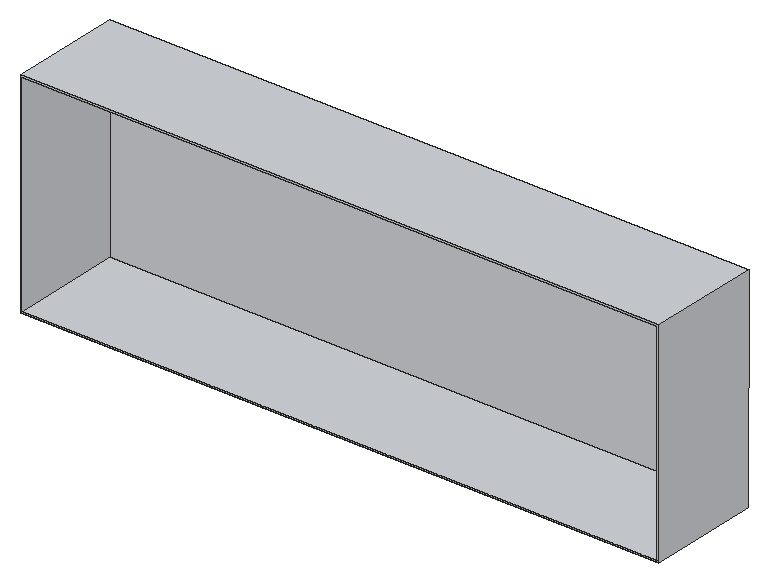
Revit family "Hager-Panelboards-Surface_mounted-IP2XC-Without_Cover-With_DIN-NoHosted-GB-en", category Electrical Equipment, Revit 2023
Family settings
  Panel Configuration = Two Columns, Circuits Across
  Round Connector Dimension = Use Diameter
  Part Type = Panelboard
  Work Plane-Based = Yes
  Always vertical = Yes
  Cut with Voids When Loaded = No
  Maintain Annotation Orientation = No
  Shared = No
  Room Calculation Point = No
Parameters (values of type "Panelboards-Surface_mounted_W900_H300_D158_0_Modular_Spacing-JF805E")
  Width Control [instance] = if([HG000006-Flush mounted], if([EF000846 - Recess width] > min_whd, [EF000846 - Recess width], min_whd), if([EF000008 - Width] > min_whd, ([EF000008 - Width]), min_whd))  # 900 mm
  Void Depth [instance] = if([EF000218 - Recess depth] > 1 mm, [EF000218 - Recess depth], 1 mm)  # 1 mm
  Uniformat code = "D501001"
  Uniformat = "Low Tension Service & Dist."
  Référence = ""
  HG000131 - Functional label [instance] = ""
  HG000130 - Functional name [instance] = ""
  HG000099-Onfly Template ID = "507532"
  HG000059-Operating voltage [instance] = 230 V
  ETIM class name = "Small distribution board"
  ETIM class code = "EC000214"
  EF015941 - Signal passing door = no
  EF015777 - Neutral terminal block = yes
  EF015776 - Earthing terminal block = yes
  EF009212 - Cover model = ""
  EF006306 - With lock = yes
  EF006244 - Transparent cover/door = no
  EF005474 - Degree of protection (IP rating) = "IP2XC"
  EF004462 - Type of closure = ""
  EF002950 - Width in number of modular spacings = 0
  EF001596 - Housing material = ""
  EF001134 - With DIN-rail = yes
  EF001131 - Internal depth = 0 mm
  EF001088 - Extension possible = yes
  EF001062 - EMC-version = no
  EF000846 - Recess width = 0 mm
  EF000339 - Type of covering = ""
  EF000332 - Recess height = 0 mm
  EF000266 - Number of rows = 0
  EF000218 - Recess depth = 0 mm
  EF000118 - With mounting plate = no
  EF000116 - RAL number = 7035
  EF000049 - Depth = 158 mm
  EF000040 - Height = 300 mm
  EF000008 - Width = 900 mm
  EF000007 - Colour = ""
  EF000003 - Mounting method = "Surface mounted"
  EF004464 - Type of door = ""
  EF000024 - UV resistant = no
  Type Comments = ""
  System Height [instance] = Height Control - 2 * [HG000005-Thickness]  # 446 mm
  Reference description = ""
  Reference = "Panelboards-Surface_mounted_W900_H300_D158_0_Modular_Spacing-JF805E"
  Panel Name [instance] = ""  # (empty or 0)
  Offset [instance] = 0 mm
  Object type = ""
  Name hager = "ADD_Enclosures_EC000214"
  Name BIM&CO = "Electricity"
  Name = "Panelboards-Surface_mounted-IP2XC-Without_Cover-With_DIN-GB"
  Model = ""
  Level Offset [instance] = [Flush Mounted - Door Frame Width] + Offset  # 50 mm
  HGEF002950-Width in number of modular spacings = 0
  HGEF000266-Number of rows = 0
  HG000060-RAL-number = "7035"
  HG000017-Distance between poles = 18 mm
  HG000016-Door 3D visibility = yes
  HG000015-Clearance visibility = yes
  HG000014-Door on the right = yes
  HG000013-Door on the left = not([HG000014-Door on the right])  # no
  HG000012-Door swing angle = 90.00°
  HG000011-Empty rows from bottom = no
  HG000010-Asymmetric doors = no
  HG000009-Double swing door = no
  HG000008-Number of empty rows = 0
  HG000007-Number of empty columns = 0
  HG000006-Flush mounted = no
  HG000005-Thickness = 2 mm
  HG000004-Manufacturer reference = "JF805E"
  HG000003-Range = "Panelboards"
  HG000002-With door or cover = no
  HG000001-Number of columns = 0
  GTIN (Global Trade Item Number) = ""
  Description = ""
  Default Elevation = 1200 mm
  Creation Date = "12/17/2025 20:23:32"
  Code hager = "ADD-EC000214_EU"
  Code Uniformat = ""
  BIM&CO code = ""
  BC_VARIANT_ID = "1179122"
  BC_OBJECT_VERSION = "#1"  # constant formula
  BC_OBJECT_ID = "513918"  # constant formula
  BC_MODEL_ID = "1554432"  # constant formula
  BC_METADATA = "{\"ObjectGuid\":\"bc35c96e-cb38-443e-833d-0616858cb9ac\",\"ModelGuid\":\"8af03f69-2293-4735-a617-cc53adf55621\",\"VariantGuid\":\"8b6e323b-1b53-409a-a940-11b5a7fc5337\",\"Revision\":\"#4\",\"VariantName\":\"Template-Enclosure_EU-EC000214\"}"
  Arrow Offset [instance] = Depth Control / 8  # 18.75 mm
  Arrow Height [instance] = Depth Control - Arrow Offset  # 131.25 mm
  Host Offset [instance] = if([HG000006-Flush mounted], 0 mm, [EF000049 - Depth])  # 158 mm
  min_whd [instance] = (2 * [HG000005-Thickness]) + 1 mm  # 5 mm
  Manufacturer = "Hager"  # constant formula
  Height Control [instance] = if([HG000006-Flush mounted], if([EF000332 - Recess height] > min_whd, [EF000332 - Recess height], min_whd), if([EF000040 - Height] > min_whd, ([EF000040 - Height]), min_whd))  # 300 mm
  Flush Mounted - Door Frame Width [instance] = if(([EF000040 - Height] - [EF000332 - Recess height]) > 0 mm, if([HG000006-Flush mounted], [EF000040 - Height] - [EF000332 - Recess height], 0 mm), 0 mm)  # 0 mm
  Depth Control [instance] = if([HG000006-Flush mounted], if([EF000218 - Recess depth] > 0 mm, [EF000218 - Recess depth], 1 mm), if([EF000049 - Depth] > 0 mm, ([EF000049 - Depth]), 1 mm))  # 158 mm
Types (2, lengths in mm): name | EF015777 - Neutral terminal block | EF006306 - With lock | EF001088 - Extension possible | EF000040 - Height | Reference | HG000004-Manufacturer reference | BC_VARIANT_ID | Height Control
  Panelboards-Surface_mounted_W900_H300_D158_0_Modular_Spacing-JF805E | yes | yes | yes | 300 | "Panelboards-Surface_mounted_W900_H300_D158_0_Modular_Spacing-JF805E" | "JF805E" | "1179122" | 300
  Panelboards-Surface_mounted_W900_H450_D158_0_Modular_Spacing-JF806E | no | no | no | 450 | "Panelboards-Surface_mounted_W900_H450_D158_0_Modular_Spacing-JF806E" | "JF806E" | "1179123" | 450
Reference planes
  plane 1 "Center (Front/Back)": y = 0
  plane 2: z = 0
  plane 3 "Center (Left/Right)": x = 0
  plane 4: y = 2
  plane 5: y = 0
  plane 6: y = 0
  plane 7: z = 0
  plane 8: x = -450
  plane 9: x = 450
  plane 10: x = 448
  plane 11: x = -448
  plane 12: z = 50
  plane 13: z = 52
  plane 14: y = -153
  plane 15: y = -158
  plane 16: y = -2
  plane 17: z = 348
  plane 18: z = 350
  plane 19: z = 200
  plane 20: x = 0
  plane 21: y = -100
  plane 22 "Annotation H": y = -300
  plane 23 "Annotation V": x = 650
Forms (mm)
  Extrusion 1, solid
    sketch origin (-208.679, -4572, 50) x (-1, 0, 0) y (0, -1, 0)
      loop
        line (241.321, -4414) -> (-658.679, -4414) -> (-658.679, -4572) -> (241.321, -4572) -> (241.321, -4414)
    from 0 to 300 <- "Height Control"
  Extrusion 2, void
    sketch origin (-350.771, -158, 1219.2) x (1, 0, 0) y (0, 0, 1)
      loop
        line (-97.229, -871.2) -> (-97.229, -1167.2) -> (798.771, -1167.2) -> (798.771, -871.2) -> (-97.229, -871.2)
    from 0 to -156
  Extrusion 3, solid, detail levels coarse+medium
    sketch origin (-350.771, -158, 1219.2) x (-1, 0, 0) y (0, 0, 1)
      loop
        line (97.229, -871.2) -> (-798.771, -871.2) -> (-798.771, -1167.2) -> (97.229, -1167.2) -> (97.229, -871.2)
    from 0 to 2 <- "HG000005-Thickness"
Cuts and joins
  Extrusion 2 cuts Extrusion 1
Dimensions and locks
  "Flush Mounted - Door Frame Width": plane 1 "Center (Front/Back)" to plane 6
  "HG000005-Thickness": plane 4 to plane 6
  "HG000005-Thickness": plane 8 to plane 11
  "HG000005-Thickness": plane 9 to plane 10
  equal spacing: plane 8, plane 3 "Center (Left/Right)", plane 9
  "Width Control": plane 8 to plane 9
  locked: plane 14 to plane 15 at 5
  "Host Offset": plane 1 "Center (Front/Back)" to plane 15
  "Depth Control": plane 5 to plane 15
  "HG000005-Thickness": plane 5 to plane 16
  "HG000005-Thickness": plane 13 to plane 12
  "Level Offset": plane 12 to level
  "HG000005-Thickness": plane 18 to plane 17
  "Height Control": plane 18 to plane 12
  "Arrow Offset": plane 5 to nested 4
  equal spacing: plane 18, plane 19, plane 12
  locked: connector elem to plane 19
  locked: connector elem to plane 3 "Center (Left/Right)"
  Extrusion 2 sketch curve to Extrusion 2 sketch curve to plane 9 = 896 mm, 2 mm
  locked: plane 9 to plane 23 "Annotation V" at 200
  locked: plane 22 "Annotation H" to plane 1 "Center (Front/Back)" at 300
  aligned and locked: nested 1 to plane 14
  aligned and locked: plane 3 "Center (Left/Right)" to nested 1
  aligned and locked: plane 3 "Center (Left/Right)" to nested 2
  aligned and locked: nested 2 to plane 15
  aligned and locked: Extrusion 1 to plane 5
  aligned and locked: Extrusion 3 sketch curve to plane 17
  aligned and locked: Extrusion 3 sketch curve to plane 11
  aligned and locked: Extrusion 3 sketch curve to plane 13
  aligned and locked: Extrusion 3 sketch curve to plane 10
  aligned and locked: Extrusion 2 sketch curve to plane 13
  aligned and locked: Extrusion 2 sketch curve to plane 17
  aligned and locked: Extrusion 2 to plane 16
  aligned and locked: Extrusion 1 sketch curve to plane 5
  aligned and locked: plane 9 to Extrusion 1 sketch curve
  aligned and locked: plane 8 to Extrusion 1 sketch curve
  aligned and locked: plane 8 to nested 4
  aligned and locked: plane 8 to nested 3
  aligned and locked: nested 3 to plane 5
  aligned and locked: Extrusion 1 sketch curve to plane 15
  aligned and locked: Extrusion 2 to plane 15
  aligned and locked: nested 5 to plane 22 "Annotation H"
  aligned and locked: plane 23 "Annotation V" to nested 5
  aligned and locked: plane 11 to Extrusion 2
  aligned and locked: plane 10 to Extrusion 2
Nested families
  nested 1: "Hager_Enclosure_System" at (0, -153, 52), Flush_Mounted <- "HG000006-Flush mounted", Height <- "System Height", Width_Control <- "Width Control", Row_Module_Multiplicator <- "HGEF002950-Width in number of modular spacings", Empty_Columns <- "HG000007-Number of empty columns", Border <- "HG000005-Thickness", Total_No_Empty_Rows <- "HG000008-Number of empty rows", Depth <- "HG000005-Thickness", Empty_Rows_From_Bottom <- "HG000011-Empty rows from bottom", Distance_Between_Poles <- "HG000017-Distance between poles", Rows_Count <- "HGEF000266-Number of rows", Columns_Count <- "HG000001-Number of columns", Built-in_Width <- "EF000846 - Recess width", Width <- "EF000008 - Width", type "Hager_Enclosure_System", detail levels medium+fine
    with Width_Control 900 mm, Width 900 mm, Total_No_Rows 0, Total_No_Empty_Rows 0, Total_No_Columns 1, System_Width 896 mm, Rows_Count 0, Rows_Column 0, Row_Module_Multiplicator 0, Panel_4 no, Panel_3 no, Panel_2 no, Panel_1 no, No_Panels_Ctrl 1, Hide_Columns yes, Height 446 mm, Flush_Mounted no, Empty_Rows_From_Bottom no, Empty_Rows_Column 0, Empty_Columns 0, Empty column 4 0, Empty column 3 0, Empty column 2 0, Empty column 1 0, Distance_Between_Poles 18 mm, Depth 2 mm, Columns_Count 0, Column_Width 896 mm, Built-in_Width 0 mm, Border 2 mm
  nested 2: "Hager_Enclosure_Door" at (0, -158, 50), Double <- "HG000009-Double swing door", Height_Ctrl <- "Height Control", Angle <- "HG000012-Door swing angle", Door_Right <- "HG000014-Door on the right", Assymetrical <- "HG000010-Asymmetric doors", Flush_Mounted <- "HG000006-Flush mounted", Door <- "HG000002-With door or cover", Width_Ctrl <- "Width Control", 3d_Door <- "HG000016-Door 3D visibility", Border <- "HG000005-Thickness", Clearance <- "HG000015-Clearance visibility", Door_Left <- "HG000013-Door on the left", BuiltIn_Depth <- "EF000218 - Recess depth", Depth <- "EF000049 - Depth", BuiltIn_Width <- "EF000846 - Recess width", Height <- "EF000040 - Height", BuiltIn_Height <- "EF000332 - Recess height", Width <- "EF000008 - Width", Transparent <- "EF006244 - Transparent cover/door", type "Hager_Enclosure_Door", detail levels medium+fine
    with min_wh 5 mm, Width_Ctrl 900 mm, Width 900 mm, Transparent_Door_No_Bottom_Border no, Transparent no, Leaf_Width 893 mm, Leaf_Tolerance 1.5 mm, Leaf_Height 293 mm, Leaf_2_Width 893 mm, Leaf_2_Offset 446.5 mm, Leaf_1_Width 893 mm, Leaf_1_Offset 446.5 mm, Height_Ctrl 300 mm, Height 300 mm, Frame_Width_Ctrl 900 mm, Frame_Width 900 mm, Frame_Internal_Offset 0 mm, Frame_Height_Ctrl 300 mm, Frame_Height 300 mm, Frame_Depth_Ctrl 1 mm, Frame_Depth 0 mm, Flush_Mounted no, Double_Clearance_Ctrl no, Double no, Door_Right_Ctrl no, Door_Right yes, Door_Left_Ctrl no, Door_Left no, Door no, Depth 158 mm, Clearance_Depth 893 mm, Clearance_Ctrl yes, Clearance yes, BuiltIn_Width 0 mm, BuiltIn_Height 0 mm, BuiltIn_Depth 0 mm, Border 2 mm, Assymetrical no, Angle 90.00°, 3d_Door yes
  nested 3: "Hager_Enclosure_Symbol_Triangle" at (-450, 0, 0), Depth <- "Depth Control", Width <- "Width Control", type "Hager_Enclosure_Symbol_Triangle"
    with Width_Ctrl 900 mm, Width 900 mm, Depth_Ctrl 158 mm, Depth 158 mm
  nested 4: "Hager_Enclosure_Symbol_Arrow" at (-450, -18.75, 0), Height <- "Arrow Height", type "Hager_Enclosure_Symbol_Arrow"
    with Width_Inside 9.844 mm, Width 118.125 mm, Height_Ctrl 131.25 mm, Height 131.25 mm
  nested 5: "Hager_Annotation-HG000130" at (650, -300, 0), HG000130 - Functional name <- "HG000130 - Functional name", type "Hager_Annotation-HG000130"
    with HG000130 - Functional name ""
Connectors
  electrical at (0, 0, 200), driven by "HG000059-Operating voltage"
    settings: on plane 5, index 1, voltage 230 V, apparent load 0 VA, apparent load phase1 0 VA, apparent load phase2 0 VA, apparent load phase3 0 VA, power factor 1, load classification "Other", number of poles 1, system type 30, power factor state 1, is connector primary yes, connector utility no, sub classification motor no, connector description ""
Definition of nested family "Hager_Enclosure_Door"
  Parameters (values of type "Hager_Enclosure_Door")
    min_wh [instance] = (2 * Border) + 1 mm  # 11 mm
    Width_Ctrl [instance] = 400 mm
    Width [instance] = 500 mm
    Transparent_Door_No_Bottom_Border [instance] = no
    Transparent [instance] = yes
    Leaf_Width [instance] = if((Width_Ctrl - 2 * Border - 2 * Leaf_Tolerance) > 0 mm, (Width_Ctrl - 2 * Border - 2 * Leaf_Tolerance), min_wh)  # 387 mm
    Leaf_Tolerance [instance] = 1.5 mm  # constant formula
    Leaf_Height [instance] = if((Height_Ctrl - 2 * Border - 2 * Leaf_Tolerance) > 0 mm, (Height_Ctrl - 2 * Border - 2 * Leaf_Tolerance), min_wh)  # 387 mm
    Leaf_2_Width [instance] = if(and(and(Double, Assymetrical), Door_Left), (Leaf_Width / 3) - (Leaf_Tolerance / 2), if(and(and(Double, Assymetrical), Door_Right), (Leaf_Width / 3) * 2 - (Leaf_Tolerance / 2), if(and(Double, not(Assymetrical)), (Leaf_Width / 2) - Leaf_Tolerance, Leaf_Width)))  # 387 mm
    Leaf_2_Offset [instance] = if(and(Double, Assymetrical), Leaf_2_Width / 2, if(and(Double, not(Assymetrical)), Leaf_Width / 4, Leaf_Width / 2))  # 193.5 mm
    Leaf_1_Width [instance] = if(and(and(Double, Assymetrical), Door_Right), (Leaf_Width / 3) - (Leaf_Tolerance / 2), if(and(and(Double, Assymetrical), Door_Left), (Width / 3) * 2 - (Leaf_Tolerance / 2), if(and(Double, not(Assymetrical)), (Leaf_Width / 2) - Leaf_Tolerance, Leaf_Width)))  # 387 mm
    Leaf_1_Offset [instance] = if(and(Double, Assymetrical), Leaf_1_Width / 2, if(and(Double, not(Assymetrical)), Leaf_Width / 4, Leaf_Width / 2))  # 193.5 mm
    Height_Ctrl [instance] = 400 mm
    Height [instance] = 500 mm
    Frame_Width_Ctrl [instance] = if(Frame_Width > 0 mm, Frame_Width, 1 mm)  # 1 mm
    Frame_Width [instance] = Width - BuiltIn_Width  # 0 mm
    Frame_Internal_Offset [instance] = if(Flush_Mounted, Border, 0 mm)  # 5 mm
    Frame_Height_Ctrl [instance] = if(Frame_Height > 0 mm, Frame_Height, 1 mm)  # 1 mm
    Frame_Height [instance] = Height - BuiltIn_Height  # 0 mm
    Frame_Depth_Ctrl [instance] = if(Frame_Depth > 0 mm, Frame_Depth, 1 mm)  # 1 mm
    Frame_Depth [instance] = if(Depth - BuiltIn_Depth > 0 mm, if(Flush_Mounted, Depth - BuiltIn_Depth, 0 mm), 0 mm)  # 0 mm
    Flush_Mounted [instance] = yes
    Double_Clearance_Ctrl [instance] = and(Double, Clearance)  # no
    Double [instance] = no
    Door_Right_Ctrl [instance] = and(or(Door_Right, Double), Door)  # yes
    Door_Right [instance] = yes
    Door_Left_Ctrl [instance] = and(or(Door_Left, Double), Door)  # no
    Door_Left [instance] = no
    Door [instance] = yes
    Depth [instance] = 500 mm
    Default Elevation = 1219.2 mm
    Clearance_Material = none
    Clearance_Depth [instance] = if(Leaf_1_Width > Leaf_2_Width, Leaf_1_Width, Leaf_2_Width)  # 387 mm
    Clearance_Ctrl [instance] = and(not(Double), Clearance)  # yes
    Clearance [instance] = yes
    BuiltIn_Width [instance] = 500 mm
    BuiltIn_Height [instance] = 500 mm
    BuiltIn_Depth [instance] = 500 mm
    Border [instance] = 5 mm
    Assymetrical [instance] = yes
    Angle [instance] = 30.00°
    3d_Door [instance] = yes
  Reference planes
    plane 1 "Center (Front/Back)": y = 0
    plane 2 "Bottom": z = 0
    plane 3 "Center (Left/Right)": x = 0
    plane 4: z = 400
    plane 5: x = -200
    plane 6: x = 200
    plane 7: z = 395
    plane 8: x = -195
    plane 9: z = 5
    plane 10: x = 195
    plane 11: y = 0
    plane 12: z = 6.5
    plane 13: x = -582
    plane 14: y = -387
    plane 15: x = 582
    plane 16: x = 0
    plane 17: x = 0
    plane 18: x = -193.5
    plane 19: x = 193.5
    plane 20: z = 393.5
  Forms (mm)
    Extrusion 1, solid, visible <- "Flush_Mounted"
      sketch origin (0, 0, 0) x (1, 0, 0) y (0, 0, 1)
        loop
          line (195, 5) -> (195, 395) -> (-195, 395) -> (-195, 5) -> (195, 5)
        loop
          line (-201, 401) -> (-201, -1) -> (201, -1) -> (201, 401) -> (-201, 401)
      from 0 to 1 <- "Frame_Depth_Ctrl"
    Extrusion 2, solid, material <- "Clearance_Material", visible <- "Double_Clearance_Ctrl"
      sketch origin (1200, 0, 0) x (1, 0, 0) y (0, 0, -1)
        loop
          line (-1782, -393.5) -> (-618, -393.5) -> (-618, 0) -> (-1782, 0) -> (-1782, -393.5)
      from 0 to -387
  Dimensions and locks
    equal spacing: plane 5, plane 3 "Center (Left/Right)", plane 6
    "Width_Ctrl": plane 5 to plane 6
    "Border": plane 5 to plane 8
    "Border": plane 6 to plane 10
    "Border": plane 9 to level
    "Border": plane 4 to plane 7
    "Height_Ctrl": plane 4 to level
    "Leaf_Tolerance": plane 12 to plane 9
    "Frame_Depth": plane 11 to plane 1 "Center (Front/Back)"
    "Frame_Width_Ctrl": plane 5 to Extrusion 1 sketch curve
    "Frame_Width_Ctrl": plane 6 to Extrusion 1 sketch curve
    "Frame_Width_Ctrl": Extrusion 1 sketch curve to plane 4
    "Frame_Width_Ctrl": plane 2 "Bottom" to Extrusion 1 sketch curve
    "Leaf_1_Offset": plane 18 to plane 16
    "Leaf_2_Offset": plane 17 to plane 19
    "Leaf_1_Width": plane 13 to plane 8
    "Leaf_2_Width": plane 10 to plane 15
    "Clearance_Depth": plane 14 to plane 1 "Center (Front/Back)"
    "Leaf_Tolerance": plane 8 to plane 18
    "Leaf_Tolerance": plane 19 to plane 10
    "Leaf_Tolerance": plane 7 to plane 20
    "Frame_Internal_Offset": plane 5 to Extrusion 1 sketch curve
    "Frame_Internal_Offset": Extrusion 1 sketch curve to plane 2 "Bottom"
    "Frame_Internal_Offset": plane 6 to Extrusion 1 sketch curve
    "Frame_Internal_Offset": plane 4 to Extrusion 1 sketch curve
    aligned and locked: level to plane 2 "Bottom"
    aligned and locked: nested 1 to plane 16
    aligned and locked: nested 2 to plane 17
    aligned and locked: Extrusion 2 to plane 13
    aligned and locked: plane 15 to Extrusion 2
    aligned and locked: Extrusion 2 to plane 14
    aligned and locked: plane 12 to nested 1
    aligned and locked: nested 2 to plane 12
    aligned and locked: Extrusion 2 to plane 11
    aligned and locked: plane 20 to Extrusion 2
    aligned and locked: nested 2 to plane 11
    aligned and locked: nested 1 to plane 11
  Automatic sketch dimensions
    Extrusion 2 sketch curve to level = 0 mm
    plane 5 to Extrusion 2 sketch curve = 382 mm
    plane 6 to Extrusion 2 sketch curve = 382 mm
    Extrusion 2 sketch curve to plane 4 = 6.5 mm
  Nested families
    nested 1: "Hager_Enclosure_Door_Leaf" at (0, 0, 6.5), Width <- "Leaf_1_Width", visible <- "Door_Left_Ctrl", Leaf_Height <- "Leaf_Height", Angle <- "Angle", Depth <- "Border", 3d_Door <- "3d_Door", Transparent <- "Transparent", Clearance Material <- "Clearance_Material", Clearance <- "Clearance_Ctrl", Transparent_Door_No_Bottom_Border <- "Transparent_Door_No_Bottom_Border", type "Hager_Enclosure_Door_Leaf"
      with Width 387 mm, Transparent_Door_No_Bottom_Border no, Transparent_Door_Border_Bottom_Top 25 mm, Transparent_Door_Border 25 mm, Transparent_Ctrl yes, Transparent yes, Standard no, Leaf_Height 387 mm, Glass_Offset 1 mm, Depth 5 mm, Clearance Material none, Clearance yes, Angle_Ctrl 30.00°, Angle 30.00°, 3d_Door yes
    nested 2: "Hager_Enclosure_Door_Leaf" at (0, 0, 6.5) x (-1, 0, 0) z (0, 0, 1), Width <- "Leaf_2_Width", visible <- "Door_Right_Ctrl", Leaf_Height <- "Leaf_Height", Angle <- "Angle", Depth <- "Border", 3d_Door <- "3d_Door", Transparent <- "Transparent", Clearance Material <- "Clearance_Material", Clearance <- "Clearance_Ctrl", Transparent_Door_No_Bottom_Border <- "Transparent_Door_No_Bottom_Border", type "Hager_Enclosure_Door_Leaf"
      with Width 387 mm, Transparent_Door_No_Bottom_Border no, Transparent_Door_Border_Bottom_Top 25 mm, Transparent_Door_Border 25 mm, Transparent_Ctrl yes, Transparent yes, Standard no, Leaf_Height 387 mm, Glass_Offset 1 mm, Depth 5 mm, Clearance Material none, Clearance yes, Angle_Ctrl 30.00°, Angle 30.00°, 3d_Door yes
  Definition of nested family "Hager_Enclosure_Door_Leaf"
    Parameters (values of type "Hager_Enclosure_Door_Leaf")
      Width [instance] = 2000 mm
      Transparent_Door_No_Bottom_Border [instance] = yes
      Transparent_Door_Border_Bottom_Top [instance] = if(Transparent_Door_No_Bottom_Border, 0.1 mm, Transparent_Door_Border)  # 0.1 mm
      Transparent_Door_Border [instance] = if(Transparent_Door_No_Bottom_Border, (Width * 0.12), 25 mm)  # 240 mm
      Transparent_Ctrl [instance] = and(Transparent, [3d_Door])  # yes
      Transparent [instance] = yes
      Standard [instance] = and(not(Transparent), [3d_Door])  # no
      Leaf_Height [instance] = 2720.336 mm
      Glass_Offset [instance] = if((Depth - 10 mm) / 2 > 0 mm, (Depth - 10 mm) / 2, 1 mm)  # 15 mm
      Glass_Material = none
      Depth [instance] = 40 mm
      Default Elevation = 0 mm
      Clearance Material [instance] = none
      Clearance [instance] = yes
      Angle_Ctrl [instance] = if(Angle > 170.00°, 170.00°, Angle)  # 45.00°
      Angle [instance] = 45.00°
      3d_Door [instance] = yes
    Reference planes
      plane 1 "Center (Front/Back)": y = 0
      plane 2: z = 0
      plane 3 "Center (Left/Right)": x = 0
      plane 4: y = 2000
      plane 5: x = -1000
      plane 6: x = 1000
      plane 7: x = -3000
      plane 8: z = 2720.336
      plane 9: z = 0.1
      plane 10: z = 2720.236
      plane 11: x = 760
      plane 12: x = -760
    Forms (mm)
      Extrusion 1, solid, material <- "Clearance Material", visible <- "Clearance"
        sketch origin (0, 0, 0) x (1, 0, 0) y (0, 0, 1)
          loop
            line (-3000, 2720.336) -> (-3000, 0) -> (1000, 0) -> (1000, 2720.336) -> (-3000, 2720.336)
        from 0 to -2000
      Extrusion 2, solid, visible <- "Standard", detail levels medium+fine
        sketch origin (-1000, 0, 0) x (0.707107, 0.707107, 0) y (-0.707107, 0.707107, 0)
          loop
            line (0, -40) -> (2000, -40) -> (2000, 0) -> (0, 0) -> (0, -40)
        from 0 to 2720.336 <- "Leaf_Height"
      Extrusion 3, solid, visible <- "Transparent_Ctrl", detail levels medium+fine
        sketch origin (-1000, 0, 0) x (0.707107, 0.707107, 0) y (-0.707107, 0.707107, 0)
          loop
            line (0, -40) -> (2000, -40) -> (2000, 0) -> (0, 0) -> (0, -40)
        from 0 to 2720.336 <- "Leaf_Height"
      Extrusion 4, void, detail levels medium+fine
        sketch origin (-1000, 0, 0) x (-0.707107, 0.707107, 0) y (0.707107, 0.707107, 0)
          loop
            line (0, 240) -> (0, 1760) -> (-40, 1760) -> (-40, 240) -> (0, 240)
        from -2720.236 to -0.1
      Extrusion 5, solid, material <- "Glass_Material", visible <- "Transparent_Ctrl", detail levels medium+fine
        sketch origin (-1000, 0, 0) x (0.707107, 0.707107, 0) y (-0.707107, 0.707107, 0)
          loop
            line (240, -15) -> (240, -25) -> (1760, -25) -> (1760, -15) -> (240, -15)
        from 0.1 to 2720.236
    Cuts and joins
      Extrusion 4 cuts Extrusion 3
    Lines and regions (mm)
      symbolic lines
        curve 1: line (1000, 0, 0) -> (-3000, 0, 0)
        curve 2: arc (1000, 0, 0) -> (-1000, 2000, 0) -> (-3000, 0, 0) r 2000
        curve 4: line (-1000, 0, 0) -> (414.214, 1414.214, 0)
      reference lines
        curve 3: line (-1000, 0, 0) -> (414.214, 1414.214, 0)
      symbolic lines, detail levels medium+fine
        curve 5: line (414.214, 1414.214, 0) -> (442.498, 1385.929, 0)
        curve 6: line (442.498, 1385.929, 0) -> (-971.716, -28.284, 0)
        curve 7: line (-971.716, -28.284, 0) -> (-1000, 0, 0)
        curve 8: line (-1000, 0, 2720.336) -> (1000, 0, 2720.336)
        curve 9: line (-1000, 0, 0) -> (-1000, 0, 2720.336)
        curve 10: line (1000, 0, 0) -> (-1000, 0, 0)
        curve 11: line (1000, 0, 2720.336) -> (1000, 0, 0)
      symbolic lines, visible <- "Transparent_Ctrl", detail levels medium+fine
        curve 12: line (-760, 0, 2720.236) -> (760, 0, 2720.236)
        curve 13: line (-760, 0, 0.1) -> (-760, 0, 2720.236)
        curve 14: line (760, 0, 0.1) -> (-760, 0, 0.1)
        curve 15: line (760, 0, 2720.236) -> (760, 0, 0.1)
    Dimensions and locks
      "Width": plane 1 "Center (Front/Back)" to plane 4
      equal spacing: plane 5, plane 3 "Center (Left/Right)", plane 6
      "Width": plane 5 to plane 6
      "Width": plane 7 to plane 5
      "Leaf_Height": plane 8 to level
      "Depth": curve 6 to curve 3
      "Width": curve 5 to curve 3
      "Width": curve 3 to curve 3
      "Transparent_Door_Border": Extrusion 4 sketch curve to curve 7
      "Transparent_Door_Border": Extrusion 4 sketch curve to curve 5
      "Transparent_Door_Border_Bottom_Top": plane 8 to plane 10
      "Transparent_Door_Border_Bottom_Top": plane 9 to level
      "Glass_Offset": Extrusion 5 sketch curve to curve 4
      "Glass_Offset": Extrusion 5 sketch curve to curve 6
      "Transparent_Door_Border": Extrusion 5 sketch curve to curve 5
      "Transparent_Door_Border": Extrusion 5 sketch curve to curve 7
      "Transparent_Door_Border": plane 12 to plane 5
      "Transparent_Door_Border": plane 6 to plane 11
      "Angle_Ctrl": angle plane 1 "Center (Front/Back)" to curve 3
      aligned and locked: level to plane 2
      aligned and locked: Extrusion 1 to curve 1
      aligned and locked: plane 6 to Extrusion 1
      aligned and locked: Extrusion 1 to plane 1 "Center (Front/Back)"
      aligned and locked: plane 4 to Extrusion 1
      aligned and locked: plane 8 to Extrusion 1
      aligned and locked: curve 4 to curve 3
      aligned and locked: Extrusion 2 sketch curve to curve 7
      aligned and locked: Extrusion 2 sketch curve to curve 6
      aligned and locked: Extrusion 2 sketch curve to curve 5
      aligned and locked: Extrusion 2 sketch curve to curve 3
      aligned and locked: curve 7 to Extrusion 3 sketch curve
      aligned and locked: Extrusion 3 sketch curve to curve 4
      aligned and locked: Extrusion 3 sketch curve to curve 6
      aligned and locked: Extrusion 3 sketch curve to curve 5
      aligned and locked: curve 4 to Extrusion 4 sketch curve
      aligned and locked: curve 6 to Extrusion 4 sketch curve
      aligned and locked: Extrusion 4 to plane 9
      aligned and locked: Extrusion 4 to plane 10
      aligned and locked: Extrusion 5 to plane 9
      aligned and locked: Extrusion 5 to plane 10
      aligned and locked: curve 8 to plane 8
      aligned and locked: plane 5 to curve 9
      aligned and locked: plane 2 to curve 10
      aligned and locked: curve 11 to plane 6
      aligned and locked: plane 10 to curve 12
      aligned and locked: plane 12 to curve 13
      aligned and locked: curve 14 to plane 9
      aligned and locked: plane 11 to curve 15
    Automatic sketch dimensions
      plane 1 "Center (Front/Back)" to curve 2 = 0 mm
      curve 2 to plane 5 = 0 mm
      Extrusion 1 sketch curve to level = 0 mm
      Extrusion 1 sketch curve to plane 7 = 0 mm
      Extrusion 1 sketch curve to plane 6 = 0 mm
      Extrusion 1 sketch curve to plane 8 = 0 mm
      plane 1 "Center (Front/Back)" to curve 3 = 0 mm
      curve 3 to plane 5 = 0 mm
      curve 7 to curve 3 = 0 mm
Definition of nested family "Hager_Enclosure_Symbol_Triangle"
  Parameters (values of type "Hager_Enclosure_Symbol_Triangle")
    Width_Ctrl [instance] = if(Width > 1 mm, Width, 1 mm)  # 498 mm
    Width [instance] = 498 mm
    Depth_Ctrl [instance] = if(Depth > 1 mm, Depth, 1 mm)  # 72 mm
    Depth [instance] = 72 mm
  Reference planes
    plane 1 "Centre (avant/arrière)": y = 0
    plane 2: z = 0
    plane 3 "Centre (gauche/droite)": x = 0
  Lines and regions (mm)
    Filled region 1, type "Solid_Black", in view "Niveau de réf."
      outline origin (0, 0, 0) x (1, 0, 0) y (0, 1, 0)
        loop
          line (0, 0) -> (498, 0) -> (498, 72) -> (0, 0)
    reference lines, in view "Niveau de réf."
      curve 1: line (-206.153, 72, 0) -> (1083.258, 72, 0)
      curve 2: line (498, 405.456, 0) -> (498, -517.619, 0)
  Dimensions and locks
    "Depth_Ctrl": plane 1 "Centre (avant/arrière)" to curve 1
    "Width_Ctrl": plane 3 "Centre (gauche/droite)" to curve 2
    aligned and locked: curve 1 to Filled region 1 sketch curve
    aligned and locked: Filled region 1 sketch curve to plane 1 "Centre (avant/arrière)"
    aligned and locked: curve 2 to Filled region 1 sketch curve
    aligned and locked: plane 3 "Centre (gauche/droite)" to Filled region 1 sketch curve
    aligned and locked: plane 1 "Centre (avant/arrière)" to Filled region 1 sketch curve
  Automatic sketch dimensions
    curve 1 to plane 3 "Centre (gauche/droite)" = 206.153 mm
    curve 2 to curve 1 = 585.258 mm
    plane 1 "Centre (avant/arrière)" to curve 2 = 517.619 mm
    curve 2 to plane 1 "Centre (avant/arrière)" = 405.456 mm
Definition of nested family "Hager_Enclosure_Symbol_Arrow"
  Parameters (values of type "Hager_Enclosure_Symbol_Arrow")
    Width_Inside [instance] = if(Width / 12 > 2 mm, Width / 12, 2 mm)  # 4.987 mm
    Width [instance] = if(Height_Ctrl * 0.9 > 2 mm, Height_Ctrl * 0.9, 2 mm)  # 59.85 mm
    Height_Ctrl [instance] = if(Height > 2 mm, Height, 2 mm)  # 66.5 mm
    Height [instance] = 66.5 mm
  Reference planes
    plane 1 "Centre (avant/arrière)": y = 0
    plane 2: z = 0
    plane 3 "Centre (gauche/droite)": x = 0
    plane 4: x = 59.85
    plane 5: y = 28.263
    plane 6: y = 38.238
    plane 7: y = 66.5
    plane 8: x = 29.925
    plane 9: y = 33.25
  Lines and regions (mm)
    Filled region 1, type "Solid_Black", in view "Niveau de réf."
      outline origin (0, 0, 0) x (1, 0, 0) y (0, 1, 0)
        loop
          line (59.85, 66.5) -> (37.929, 52.827) -> (51.846, 41.935) -> (59.85, 66.5)
    detail lines, in view "Niveau de réf."
      curve 1: line (0, 0, 0) -> (29.925, 38.238, 0)
      curve 2: line (29.925, 38.238, 0) -> (29.925, 28.263, 0)
      curve 3: line (29.925, 28.263, 0) -> (59.85, 66.5, 0)
  Dimensions and locks
    "Width": plane 3 "Centre (gauche/droite)" to plane 4
    "Height_Ctrl": plane 7 to plane 1 "Centre (avant/arrière)"
    equal spacing: plane 3 "Centre (gauche/droite)", plane 8, plane 4
    equal spacing: plane 7, plane 9, plane 1 "Centre (avant/arrière)"
    equal spacing: plane 6, plane 9, plane 5
    "Width_Inside": plane 6 to plane 9
    equal spacing: curve 3, Filled region 1 sketch curve, Filled region 1 sketch curve
    angle Filled region 1 sketch curve to curve 3 = 20.00°
    angle curve 3 to Filled region 1 sketch curve = 20.00°
    locked: curve 3 to Filled region 1 sketch curve (angle 90.00°)
  Automatic sketch dimensions
    plane 1 "Centre (avant/arrière)" to curve 1 = 0 mm
    curve 1 to plane 3 "Centre (gauche/droite)" = 0 mm
    curve 2 to plane 6 = 0 mm
    curve 3 to plane 8 = 0 mm
    curve 3 to plane 4 = 0 mm
    curve 2 to plane 5 = 0 mm
    curve 3 to plane 7 = 0 mm
    Filled region 1 sketch curve to plane 4 = 0 mm
    Filled region 1 sketch curve to plane 7 = 0 mm
Definition of nested family "Hager_Annotation-HG000130"
  Parameters (values of type "Hager_Annotation-HG000130")
    HG000130 - Functional name [instance] = ""
  Reference planes
    plane 1: y = 0
    plane 2: x = 0
  Lines and regions (mm)
    detail lines
      curve 1: line (-27.5, 10, 0) -> (27.5, 10, 0)
      curve 2: line (-27.5, -10, 0) -> (-27.5, 10, 0)
      curve 3: line (27.5, -10, 0) -> (-27.5, -10, 0)
      curve 4: line (27.5, 10, 0) -> (27.5, -10, 0)
  Text (mm)
    label "HG000130 - Functional name" at (0.16, 0.026, 0), shows "HG000130 - Functional name"
